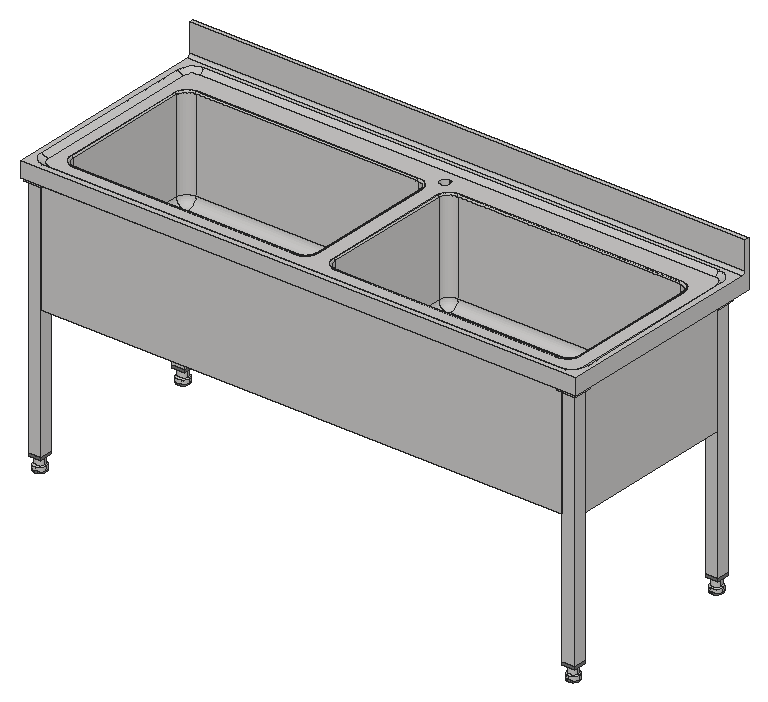
Revit family "QF_ELECTROLUXPROFESSIONAL_132816_VLP1802SPN", category Attrezzature speciali, Revit 2020
Family settings
  Quota connettore circolare = Usa diametro
  Tipo di parte = Normale
  Basato su piano di lavoro = No
  Sempre verticale = Sì
  Taglio con vuoti quando caricato = No
  Condiviso = No
  Punto di calcolo locali = No
Parameters (values of type "Standard")
  Weight = 72.00 kg
  Watts = 0 W
  Volts = 0 V
  URL Manufacturer = "https://www.electroluxprofessional.com/"
  URL = "https://www.electroluxprofessional.com/"
  Steam Supply Size = 0 mm
  Steam Supply Minimum Pressure = 0.0 Pa
  Steam Supply Maximum Pressure = 0.0 Pa
  Steam Consumption per Hour = 0
  Refrigeration Suction Line Size = 0.0 mm
  Refrigeration Liquid Line Size = 0.0 mm
  Refrigerant Compressor Remote = yes
  Prospetto di default = 0.0 mm
  Phase = 0
  Modello = "VLP1802SPN"
  Produttore = "Electrolux Professional"
  Length Actual = 1800.0 mm  # constant formula
  Item Number = "132816"
  Hot Water Size = 0 mm
  Height Actual = 1000.0 mm  # constant formula
  HP = "0 HP"
  Gas Size = 0 mm
  Gas KW = 0
  Gas Input Pressure = 0 W
  Direct Waste Size = 50.8 mm
  Descrizione = "SOAKING SINK UNIT WITH 2 BOWLS (800X510X340MM), 1800MM"
  Depth Actual = 700.0 mm  # constant formula
  Cycle = 0 Hz
  Condensate Return Size = 0 mm
  Compressed Air Volume = 0.0 L/s
  Compressed Air Size = 0 mm
  Compressed Air Pressure = 0.0 Pa
  Cold Water Size = 0 mm
  Accessory = yes
Reference planes
  plane 1 "Center (Front/Back)": y = 0
  plane 2: z = 0
  plane 3 "LEFT": x = -1000
  plane 4 "RIGHT": x = 800
  plane 5 "BACK": y = 350
  plane 6 "FRONT": y = -350
  plane 7 "Base": z = 850
  plane 8 "TOP": z = 900
  plane 9 "Sink_Base": z = 608
  plane 10: z = 441
  plane 11 "PlaneGrid": z = 890
  plane 12: y = 246.5
  plane 13: y = 141
  plane 14 "Center (Left/Right)": x = -100
  plane 15: x = -205
  plane 16: x = 5
Forms (mm)
  Extrusion 1, solid, material "QF_Finishes_Stainless Steel"
    sketch origin (-100, 0, 0) x (0, 1, 0) y (0, 0, 1)
      loop
        line (-350, 850) -> (350, 850) -> (350, 1000) -> (337, 1000) -> (337, 910)
        arc (337, 910) -> (334.071, 902.929) -> (327, 900) r 10
        line (327, 900) -> (-350, 900) -> (-350, 850)
    from 900 to -900
  Extrusion 2, void
    sketch origin (-106.5, -23.5, 608) x (0, -1, 0) y (1, 0, 0)
      loop
        circle (-270, 6.5) r 16
    from 292 to 170.245
  Blend 3, void
    base sketch origin (0, 0, 900) x (0, 1, 0) y (-1, 0, 0)
      loop
        arc (312.89, 934.89) -> (298.832, 968.832) -> (264.89, 982.89) r 48
        line (264.89, 982.89) -> (-284.89, 982.89)
        arc (-284.89, 982.89) -> (-318.832, 968.832) -> (-332.89, 934.89) r 48
        line (-332.89, 934.89) -> (-332.89, -734.89)
        arc (-332.89, -734.89) -> (-318.832, -768.832) -> (-284.89, -782.89) r 48
        line (-284.89, -782.89) -> (264.89, -782.89)
        arc (264.89, -782.89) -> (298.832, -768.832) -> (312.89, -734.89) r 48
        line (312.89, -734.89) -> (312.89, 934.89)
    top sketch origin (0, 0, 900) x (0, 1, 0) y (-1, 0, 0)
      loop
        arc (-284.457, 964.457) -> (-305.67, 955.67) -> (-314.457, 934.457) r 30
        line (-314.457, 934.457) -> (-314.457, -734.985)
        arc (-314.457, -734.985) -> (-305.67, -756.198) -> (-284.457, -764.985) r 30
        line (-284.457, -764.985) -> (264.457, -764.985)
        arc (264.457, -764.985) -> (285.67, -756.198) -> (294.457, -734.985) r 30
        line (294.457, -734.985) -> (294.457, 934.457)
        arc (294.457, 934.457) -> (285.67, 955.67) -> (264.457, 964.457) r 30
        line (264.457, 964.457) -> (-284.457, 964.457)
    from 0 to -10
  Extrusion 4, void
    sketch origin (100, -25.02, 900) x (0, 1, 0) y (-1, 0, 0)
      loop
        arc (247.02, 986) -> (235.304, 1014.284) -> (207.02, 1026) r 40
        line (207.02, 1026) -> (-212.98, 1026)
        arc (-212.98, 1026) -> (-241.264, 1014.284) -> (-252.98, 986) r 40
        line (-252.98, 986) -> (-252.98, 264)
        arc (-252.98, 264) -> (-241.264, 235.716) -> (-212.98, 224) r 40
        line (-212.98, 224) -> (207.02, 224)
        arc (207.02, 224) -> (235.304, 235.716) -> (247.02, 264) r 40
        line (247.02, 264) -> (247.02, 986)
      loop
        line (-252.98, 136) -> (-252.98, -586)
        arc (-252.98, -586) -> (-241.264, -614.284) -> (-212.98, -626) r 40
        line (-212.98, -626) -> (207.02, -626)
        arc (207.02, -626) -> (235.304, -614.284) -> (247.02, -586) r 40
        line (247.02, -586) -> (247.02, 136)
        arc (247.02, 136) -> (235.304, 164.284) -> (207.02, 176) r 40
        line (207.02, 176) -> (-212.98, 176)
        arc (-212.98, 176) -> (-241.264, 164.284) -> (-252.98, 136) r 40
    from 63.904 to -121.755
Cuts and joins
  Extrusion 2, Blend 3, Extrusion 4 cuts Extrusion 1
Lines and regions (mm)
  symbolic lines
    curve 1: line (800, 350, 900) -> (-1000, 350, 900)
    curve 2: line (-1000, 350, 900) -> (-1000, -350, 900)
    curve 3: line (-1000, -350, 900) -> (800, -350, 900)
    curve 4: line (800, -350, 900) -> (800, 350, 900)
    curve 5: line (800, 337, 900) -> (-1000, 337, 900)
    curve 6: line (-982.89, -257.89, 900) -> (-982.89, 237.89, 900)
    curve 7: circle (-100, 246.5, 900) r 16 normal (0, 0, 1)
    curve 8: arc (-982.89, 264.89, 900) -> (-968.832, 298.832, 900) -> (-934.89, 312.89, 900) r 48
    curve 9: line (-934.89, 312.89, 900) -> (734.89, 312.89, 900)
    curve 10: line (-982.89, -284.89, 900) -> (-982.89, 264.89, 900)
    curve 11: arc (-934.89, -332.89, 900) -> (-968.832, -318.832, 900) -> (-982.89, -284.89, 900) r 48
    curve 12: line (734.89, -332.89, 900) -> (-934.89, -332.89, 900)
    curve 13: arc (782.89, -284.89, 900) -> (768.832, -318.832, 900) -> (734.89, -332.89, 900) r 48
    curve 14: line (782.89, 264.89, 900) -> (782.89, -284.89, 900)
    curve 15: arc (734.89, 312.89, 900) -> (768.832, 298.832, 900) -> (782.89, 264.89, 900) r 48
    curve 16: line (764.985, -284.457, 900) -> (764.985, 264.457, 900)
    curve 17: arc (764.985, 264.457, 900) -> (756.198, 285.67, 900) -> (734.985, 294.457, 900) r 30
    curve 18: line (734.985, 294.457, 900) -> (-934.457, 294.457, 900)
    curve 19: arc (-934.457, 294.457, 900) -> (-955.67, 285.67, 900) -> (-964.457, 264.457, 900) r 30
    curve 20: line (-964.457, 264.457, 900) -> (-964.457, -284.457, 900)
    curve 21: arc (-964.457, -284.457, 900) -> (-955.67, -305.67, 900) -> (-934.457, -314.457, 900) r 30
    curve 22: line (-934.457, -314.457, 900) -> (734.985, -314.457, 900)
    curve 23: arc (734.985, -314.457, 900) -> (756.198, -305.67, 900) -> (764.985, -284.457, 900) r 30
Dimensions and locks
  plane 3 "LEFT" to plane 4 "RIGHT" = 1800.0 mm  (x2)
  locked: plane 7 "Base" to level at 850
  locked: Extrusion 1 to level at 1000
  plane 8 "TOP" to level = 900.0 mm
  plane 5 "BACK" to plane 6 "FRONT" = 700.0 mm
  equal spacing: plane 5 "BACK", plane 1 "Center (Front/Back)", plane 6 "FRONT"
  plane 9 "Sink_Base" to level = 608.0 mm
  plane 10 to level = 441.0 mm
  locked: plane 5 "BACK" to plane 13 at 209
  aligned and locked: level to plane 2
  aligned and locked: curve 2 to plane 3 "LEFT"
Automatic sketch dimensions
  plane 6 "FRONT" to Blend 3 sketch curve = 17.11 mm
  Blend 3 sketch curve to Blend 3 sketch curve = 48.0 mm  (x3)
  plane 3 "LEFT" to Blend 3 sketch curve = 17.11 mm
  plane 6 "FRONT" to Blend 3 sketch curve = 65.11 mm
  Blend 3 sketch curve to plane 5 "BACK" = 37.11 mm
  Blend 3 sketch curve to plane 4 "RIGHT" = 65.11 mm
  curve 3 to plane 4 "RIGHT" = 0.0 mm
  curve 3 to plane 6 "FRONT" = 0.0 mm
  curve 4 to plane 5 "BACK" = 0.0 mm
  curve 5 to plane 5 "BACK" = 13.0 mm
  plane 6 "FRONT" to curve 6 = 92.11 mm
  plane 3 "LEFT" to curve 6 = 17.11 mm
  plane 6 "FRONT" to Blend 3 sketch curve = 35.543 mm
  Blend 3 sketch curve to Blend 3 sketch curve = 30.0 mm  (x3)
  Blend 3 sketch curve to plane 4 "RIGHT" = 35.015 mm
  plane 3 "LEFT" to Blend 3 sketch curve = 65.543 mm
  curve 9 to plane 5 "BACK" = 37.11 mm
  curve 8 to curve 6 = 48.0 mm
  curve 10 to curve 6 = 27.0 mm
  curve 11 to curve 11 = 48.0 mm
  curve 12 to plane 4 "RIGHT" = 65.11 mm
  curve 13 to curve 13 = 48.0 mm
  curve 15 to curve 16 = 17.905 mm
  curve 17 to curve 15 = 0.095 mm
  curve 13 to curve 16 = 0.433 mm
  curve 18 to curve 8 = 0.433 mm
  curve 19 to curve 8 = 0.433 mm
  curve 11 to curve 20 = 0.433 mm
  curve 21 to curve 11 = 0.433 mm
  curve 22 to curve 13 = 0.095 mm
  plane 6 "FRONT" to Extrusion 4 sketch curve = 72.0 mm  (x2)
  Extrusion 4 sketch curve to Extrusion 4 sketch curve = 40.0 mm  (x5)
  Extrusion 4 sketch curve to Extrusion 4 sketch curve = 0.0 mm  (x2)
  Extrusion 4 sketch curve to plane 4 "RIGHT" = 114.0 mm
  plane 3 "LEFT" to Extrusion 4 sketch curve = 114.0 mm
  curve 19 to curve 18 = 30.0 mm
  curve 17 to curve 17 = 30.0 mm
  curve 7 to plane 5 "BACK" = 103.5 mm
  curve 6 to curve 8 = 27.0 mm
  Extrusion 2 sketch curve to plane 5 "BACK" = 103.5 mm
  Blend 3 sketch curve to plane 5 "BACK" = 85.543 mm  (x2)
  Extrusion 4 sketch curve to plane 12 = 64.5 mm  (x3)
  Extrusion 4 sketch curve to Extrusion 4 sketch curve = 48.0 mm
  curve 15 to curve 7 = 834.89 mm
  Extrusion 2 sketch curve to plane 4 "RIGHT" = 900.0 mm
  Extrusion 4 sketch curve to plane 4 "RIGHT" = 836.0 mm
  Extrusion 1 sketch curve to plane 6 "FRONT" = 0.0 mm
  Extrusion 1 sketch curve to plane 8 "TOP" = 0.0 mm
  Extrusion 1 sketch curve to plane 5 "BACK" = 0.0 mm
  Extrusion 1 sketch curve to plane 7 "Base" = 0.0 mm
  plane 8 "TOP" to Extrusion 1 sketch curve = 10.0 mm
  Extrusion 1 sketch curve to plane 5 "BACK" = 23.0 mm
  Extrusion 1 sketch curve to Extrusion 1 sketch curve = 90.0 mm
  radius of Extrusion 2 sketch curve = 16.0 mm
  radius of curve 7 = 16.0 mm
Nested families
  nested 1: "SINK_Vasca80x50_T3_DEEP" at (-524.949, -28, 0), type "SINK_Vasca80x50_T3_DEEP"
  nested 2: "SINK_Vasca80x50_T3_DEEP" at (324.949, -28, 0) x (-1, 0, 0) z (0, 0, 1), type "SINK_Vasca80x50_T3_DEEP"
  nested 3: "TAV_W1800_CASSH" at (-250, 0, 0), type "TAV_W1800_CASSH"
Connectors
  piping at (-205, 141, 528.5), diameter 30
    settings: on nested 1, index 1, connector inside diameter 609.6 mm, connector length 0.0 mm, flow factor 0, pipe flow 0.0 L/s, pressure drop 0.0 Pa, fitting loss kfactor 0, connector angle 0.00°, fixture units 0, engagement length 0.0 mm, angle of deflection 0.00°, flow configuration 1, flow direction 2, fitting loss method 0, system type 16, joint type 0, gender type 0, connector reference index -1, connector utility 0, adjustable connector no, is connector primary yes, connector description "Drain 1"
  piping at (5, 141, 528.5), diameter 30
    settings: on nested 2, index 2, connector inside diameter 609.6 mm, connector length 0.0 mm, flow factor 0, pipe flow 0.0 L/s, pressure drop 0.0 Pa, fitting loss kfactor 0, connector angle 0.00°, fixture units 0, engagement length 0.0 mm, angle of deflection 0.00°, flow configuration 1, flow direction 2, fitting loss method 0, system type 16, joint type 0, gender type 0, connector reference index -1, connector utility 0, adjustable connector no, is connector primary no, connector description "Drain 2"
Definition of nested family "SINK_Vasca80x50_T3_DEEP"
  Parameters
    Width = 800.0 mm
    ScaricoY = 80.0 mm
    ScaricoX = 80.0 mm
    Default Elevation = 0.0 mm
    Height_Top = 900.0 mm
    FEET = 850.0 mm
    Depth = 500.0 mm
  Reference planes
    plane 1 "Center (Front/Back)": y = 0
    plane 2: z = 0
    plane 3 "Center (Left/Right)": x = 0
    plane 4 "Top": z = 900
    plane 5 "Left": x = -400
    plane 6 "Right": x = 400
    plane 7 "Back": y = 250
    plane 8 "Front": y = -250
    plane 9 "BaseVasca": z = 558
    plane 10: y = 169
    plane 11: x = 319.949
  Forms (mm)
    Sweep 1, solid
      path origin (1.49, 0, 900) x (-1, 0, 0) y (0, -1, 0)
        loop
          line (-398.51, 210) -> (-398.51, -210)
          arc (-398.51, -210) -> (-386.794, -238.284) -> (-358.51, -250) r 40
          line (-358.51, -250) -> (360.416, -250)
          arc (360.416, -250) -> (389.46, -237.97) -> (401.49, -208.926) r 41.074
          line (401.49, -208.926) -> (401.49, 209.721)
          arc (401.49, 209.721) -> (389.693, 238.203) -> (361.211, 250) r 40.279
          line (361.211, 250) -> (-358.51, 250)
          arc (-358.51, 250) -> (-386.794, 238.284) -> (-398.51, 210) r 40
      profile origin (400, 0, 900) x (-1, 0, 0) y (0, 0, 1)
        loop
          arc (5, -15) -> (3.536, -11.464) -> (0, -10) r 5
          line (0, -10) -> (0, -11.5)
          arc (0, -11.5) -> (2.475, -12.525) -> (3.5, -15) r 3.5
          line (3.5, -15) -> (3.5, -310.5)
          arc (3.5, -310.5) -> (12.726, -332.774) -> (35, -342) r 31.5
          line (35, -342) -> (35, -340.5)
          arc (35, -340.5) -> (13.787, -331.713) -> (5, -310.5) r 30
          line (5, -310.5) -> (5, -15)
    Revolve 2, solid
      sketch origin (319.949, -10, 0) x (0, 1, 0) y (0, 0, 1)
        loop
          line (195.5, 542.617) -> (207.058, 549.84) -> (207.058, 558) -> (205.558, 558) -> (205.558, 550.671) -> (194, 543.449) -> (194, 528.5) -> (195.5, 528.5) -> (195.5, 542.617)
        axis (179, 558) -> (179, 528.5)
      angle from 0 to 360
    Extrusion 3, solid
      sketch origin (49, 0, 558) x (0, -1, 0) y (1, 0, 0)
        loop
          line (-215, 311) -> (-215, -407.926)
          arc (-215, -407.926) -> (-213.221, -412.221) -> (-208.926, -414) r 6.074
          line (-208.926, -414) -> (209.721, -414)
          arc (209.721, -414) -> (213.454, -412.454) -> (215, -408.721) r 5.279
          line (215, -408.721) -> (215, 311)
          arc (215, 311) -> (213.536, 314.536) -> (210, 316) r 5
          line (210, 316) -> (-210, 316)
          arc (-210, 316) -> (-213.536, 314.536) -> (-215, 311) r 5
      from 0 to 1.5
    Extrusion 4, void
      sketch origin (0, 0, 558) x (0, -1, 0) y (1, 0, 0)
        loop
          circle (-169, 319.949) r 28
      from -140.513 to 32.144
  Cuts and joins
    Extrusion 4 cuts Sweep 1
    Extrusion 4 cuts Extrusion 3
    joined: Sweep 1, Extrusion 3
  Lines and regions (mm)
    symbolic lines
      curve 1: circle (319.949, 169.058, 0) r 16.5 normal (0, 0, -1)
      curve 2: arc (-360, 250, 0) -> (-388.284, 238.284, 0) -> (-400, 210, 0) r 40
      curve 3: arc (-400, -210, 0) -> (-388.284, -238.284, 0) -> (-360, -250, 0) r 40
      curve 4: line (-400, 210, 0) -> (-400, -210, 0)
      curve 5: line (-360, -250, 0) -> (360, -250, 0)
      curve 6: line (360, 250, 0) -> (-360, 250, 0)
      curve 7: arc (360, -250, 0) -> (388.284, -238.284, 0) -> (400, -210, 0) r 40
      curve 8: arc (400, 210, 0) -> (388.284, 238.284, 0) -> (360, 250, 0) r 40
      curve 9: line (400, 210, 0) -> (400, -210, 0)
  Dimensions and locks
    equal spacing: plane 5 "Left", plane 3 "Center (Left/Right)", plane 6 "Right"
    "Width": plane 5 "Left" to plane 6 "Right"
    equal spacing: plane 7 "Back", plane 1 "Center (Front/Back)", plane 8 "Front"
    "Depth": plane 7 "Back" to plane 8 "Front"
    "Height_Top": plane 4 "Top" to level
    plane 9 "BaseVasca" to level = 558.0 mm
    aligned and locked: level to plane 2
  Automatic sketch dimensions
    curve 4 to plane 5 "Left" = 0.0 mm
    curve 6 to plane 7 "Back" = 0.0 mm
    curve 3 to plane 8 "Front" = 0.0 mm
    curve 1 to plane 11 = 0.0 mm
    curve 7 to plane 6 "Right" = 0.0 mm
    curve 4 to curve 3 = 40.0 mm
    plane 5 "Left" to curve 6 = 40.0 mm
    curve 6 to plane 6 "Right" = 40.0 mm
    curve 5 to plane 6 "Right" = 40.0 mm
    plane 10 to curve 1 = 0.058 mm
    Sweep 1 sketch curve to plane 6 "Right" = 0.0 mm
    Sweep 1 sketch curve to plane 8 "Front" = 0.0 mm
    Sweep 1 sketch curve to plane 7 "Back" = 0.0 mm
    Sweep 1 sketch curve to plane 5 "Left" = 0.0 mm
    Sweep 1 sketch curve to Sweep 1 sketch curve = 40.0 mm  (x2)
    plane 10 to Sweep 1 sketch curve = 39.926 mm
    plane 5 "Left" to Sweep 1 sketch curve = 40.279 mm
    Sweep 1 sketch curve to Sweep 1 sketch curve = 0.0 mm  (x4)
    Sweep 1 sketch curve to profile plane = 0.0 mm
    Sweep 1 sketch curve to profile plane = 3.5 mm
    Sweep 1 sketch curve to Sweep 1 sketch curve = 1.5 mm
    Sweep 1 sketch curve to Sweep 1 sketch curve = 30.0 mm
    Sweep 1 sketch curve to plane 4 "Top" = 342.0 mm
    Sweep 1 sketch curve to plane 4 "Top" = 15.0 mm
    Revolve 2 sketch curve to plane 10 = 0.0 mm
    plane 9 "BaseVasca" to Revolve 2 sketch curve = 0.0 mm
    plane 10 to Revolve 2 sketch curve = 15.0 mm
    Revolve 2 sketch curve to Revolve 2 sketch curve = 1.5 mm  (x2)
    Revolve 2 sketch curve to Revolve 2 sketch curve = 10.058 mm
    plane 9 "BaseVasca" to Revolve 2 sketch curve = 7.329 mm
    Revolve 2 sketch curve to Revolve 2 sketch curve = 0.831 mm  (x2)
    Revolve 2 sketch curve to Revolve 2 sketch curve = 7.222 mm
    Revolve 2 sketch curve to Revolve 2 sketch curve = 14.117 mm
    Revolve 2 sketch curve to Revolve 2 sketch curve = 22.0 mm
    Revolve 2 sketch curve to plane 9 "BaseVasca" = 88.5 mm
    Extrusion 4 sketch curve to plane 10 = 0.0 mm
    Extrusion 4 sketch curve to plane 11 = 0.0 mm
    Extrusion 3 sketch curve to plane 7 "Back" = 35.0 mm
    Extrusion 3 sketch curve to Extrusion 3 sketch curve = 6.074 mm
    plane 5 "Left" to Extrusion 3 sketch curve = 35.0 mm
    Extrusion 3 sketch curve to Extrusion 3 sketch curve = 5.0 mm
    plane 8 "Front" to Extrusion 3 sketch curve = 40.0 mm
    Extrusion 3 sketch curve to Extrusion 3 sketch curve = 5.279 mm
    Extrusion 3 sketch curve to plane 6 "Right" = 40.0 mm  (x2)
    radius of curve 1 = 16.5 mm
    radius of Extrusion 4 sketch curve = 28.0 mm
Definition of nested family "TAV_W1800_CASSH"
  Parameters
    Default Elevation = 0.0 mm
    Model = "TAV_W1800_CASSH"
    Manufacturer = "Electrolux Professional"
    Description = ""
  Reference planes
    plane 1 "Center (Front/Back)": y = 0
    plane 2: z = 0
    plane 3 "Center (Left/Right)": x = 150
    plane 4 "LEFT": x = -750
    plane 5 "RIGHT": x = 1050
    plane 6 "BACK": y = 350
    plane 7 "FRONT": y = -350
    plane 8 "Base": z = 850
    plane 9 "TOP": z = 900
    plane 10: x = -714.5
    plane 11: x = 1014.5
    plane 12: y = 265.5
    plane 13: y = -314.5
    plane 14: x = -694.5
    plane 15: x = 994.5
    plane 16 "RIPIANO": z = 200
  Forms (mm)
    Extrusion 1, solid
      sketch origin (0, 0.5, 850) x (0, 1, 0) y (-1, 0, 0)
        loop
          line (245, 734.5) -> (-295, 734.5) -> (-295, 733) -> (245, 733) -> (245, 734.5)
        loop
          line (-295, -1034.5) -> (285, -1034.5) -> (285, -1033) -> (-295, -1033) -> (-295, -1034.5)
        loop
          line (-335, 694.5) -> (-335, -994.5) -> (-333.5, -994.5) -> (-333.5, 694.5) -> (-335, 694.5)
      from -10 to -370
    Extrusion 2, solid
      sketch origin (-4.534, 0, 850) x (0, 1, 0) y (-1, 0, 0)
        loop
          line (235.5, 729.966) -> (-284.5, 729.966) -> (-284.5, 689.966) -> (235.5, 689.966) -> (235.5, 729.966)
        loop
          line (-334.506, 679.966) -> (-334.506, -989.034) -> (-294.506, -989.034) -> (-294.506, 679.966) -> (-334.506, 679.966)
        loop
          line (-284.5, -1039.034) -> (235.5, -1039.034) -> (235.5, -999.034) -> (-284.5, -999.034) -> (-284.5, -1039.034)
        loop
          line (285.5, 679.966) -> (245.5, 679.966) -> (245.5, -989.034) -> (285.5, -989.034) -> (285.5, 679.966)
      from 0 to -10
  Lines and regions (mm)
    symbolic lines, detail levels coarse
      curve 1: line (-750, 350, 200) -> (1050, 350, 200)
      curve 2: line (-750, -350, 200) -> (-750, 350, 200)
      curve 3: line (1050, -350, 200) -> (-750, -350, 200)
      curve 4: line (1050, 350, 200) -> (1050, -350, 200)
  Dimensions and locks
    plane 4 "LEFT" to plane 5 "RIGHT" = 1800.0 mm
    equal spacing: plane 4 "LEFT", plane 3 "Center (Left/Right)", plane 5 "RIGHT"
    locked: plane 8 "Base" to level at 850
    plane 4 "LEFT" to plane 10 = 35.5 mm
    plane 11 to plane 5 "RIGHT" = 35.5 mm
    plane 10 to plane 11 = 1729.0 mm
    plane 9 "TOP" to level = 900.0 mm
    plane 6 "BACK" to plane 12 = 84.5 mm
    plane 13 to plane 7 "FRONT" = 35.5 mm
    plane 6 "BACK" to plane 7 "FRONT" = 700.0 mm
    plane 12 to plane 13 = 580.0 mm
    equal spacing: plane 6 "BACK", plane 1 "Center (Front/Back)", plane 7 "FRONT"
    locked: plane 14 to plane 4 "LEFT" at 55.5
    locked: plane 5 "RIGHT" to plane 15 at 55.5
    plane 16 "RIPIANO" to level = 200.0 mm
    plane 2 to plane 16 "RIPIANO" to plane 8 "Base" = 200.0 mm, 650.0 mm
    aligned and locked: level to plane 2
    aligned and locked: plane 10 to nested 1
    aligned and locked: nested 1 to plane 13
    aligned and locked: plane 11 to nested 2
    aligned and locked: nested 2 to plane 13
    aligned and locked: plane 11 to nested 4
    aligned and locked: nested 4 to plane 12
    aligned and locked: plane 10 to nested 3
    aligned and locked: nested 3 to plane 12
    aligned and locked: plane 14 to Extrusion 1 sketch curve
    aligned and locked: Extrusion 1 sketch curve to plane 15
    aligned and locked: Extrusion 1 to Extrusion 2
  Automatic sketch dimensions
    plane 7 "FRONT" to Extrusion 1 sketch curve = 15.5 mm
    plane 13 to Extrusion 1 sketch curve = 20.0 mm  (x2)
    plane 4 "LEFT" to Extrusion 1 sketch curve = 15.5 mm
    Extrusion 1 sketch curve to plane 5 "RIGHT" = 15.5 mm
    Extrusion 1 sketch curve to Extrusion 1 sketch curve = 1.5 mm  (x3)
    Extrusion 1 sketch curve to plane 6 "BACK" = 104.5 mm
    Extrusion 1 sketch curve to plane 6 "BACK" = 64.5 mm
    plane 15 to Extrusion 2 sketch curve = 10.0 mm  (x2)
    plane 7 "FRONT" to Extrusion 2 sketch curve = 15.494 mm
    plane 13 to Extrusion 2 sketch curve = 19.994 mm
    Extrusion 2 sketch curve to plane 5 "RIGHT" = 15.5 mm
    plane 13 to Extrusion 2 sketch curve = 30.0 mm  (x2)
    Extrusion 2 sketch curve to plane 14 = 0.0 mm
    Extrusion 2 sketch curve to plane 12 = 30.0 mm  (x2)
    Extrusion 2 sketch curve to plane 12 = 20.0 mm
    plane 12 to Extrusion 2 sketch curve = 20.0 mm
    Extrusion 2 sketch curve to plane 15 = 0.0 mm
    Extrusion 2 sketch curve to plane 14 = 10.0 mm  (x2)
    Extrusion 2 sketch curve to plane 10 = 20.0 mm
    curve 3 to plane 4 "LEFT" = 0.0 mm
    curve 3 to plane 7 "FRONT" = 0.0 mm
    curve 2 to plane 6 "BACK" = 0.0 mm
    curve 1 to plane 5 "RIGHT" = 0.0 mm
  Nested families
    nested 1: "FEET_40x40_TAV" at (-714.5, -314.5, 0), type "FEET_40x40_TAV"
    nested 2: "FEET_40x40_TAV" at (1014.5, -314.5, 0), type "FEET_40x40_TAV"
    nested 3: "FEET_40x40_TAV" at (-714.5, 265.5, 0), type "FEET_40x40_TAV"
    nested 4: "FEET_40x40_TAV" at (1014.5, 265.5, 0), type "FEET_40x40_TAV"
  Definition of nested family "FEET_40x40_TAV"
    Parameters
      Default Elevation = 0.0 mm
      FEET = 850.0 mm
    Reference planes
      plane 1 "Center (Front/Back)": y = 0
      plane 2: z = 0
      plane 3 "Center (Left/Right)": x = 0
      plane 4: z = 850
    Forms (mm)
      Extrusion 1, solid
        sketch origin (0, 0, 0) x (1, 0, 0) y (0, 1, 0)
          loop
            line (-20, -20) -> (20, -20) -> (20, 20) -> (-20, 20) -> (-20, -20)
        from 50 to 840
      Extrusion 2, solid
        sketch origin (0, 0, 0) x (1, 0, 0) y (0, 1, 0)
          loop
            circle (0, 0) r 20
        from 0 to 5
      Extrusion 3, solid
        sketch origin (0, 0, 0) x (1, 0, 0) y (0, 1, 0)
          loop
            line (30, 30) -> (-30, 30) -> (-30, -30) -> (30, -30) -> (30, 30)
        from 840 to 850
      Extrusion 4, solid
        sketch origin (0, 0, 0) x (1, 0, 0) y (0, 1, 0)
          loop
            line (-20, -20) -> (20, -20) -> (20, 20) -> (-20, 20) -> (-20, -20)
        from 50 to 42
      Revolve 5, solid
        sketch origin (0, 0, 0) x (1, 0, 0) y (0, 0, 1)
          loop
            line (0, 42) -> (-15, 42) -> (-15, 20) -> (-20, 15) -> (-20, 5) -> (0, 5) -> (0, 42)
          axis (0, 42) -> (0, 5)
        angle from 0 to 360
    Lines and regions (mm)
      symbolic lines
        curve 1: line (0, -1.503, 0) -> (0, 1.508, 0)
        curve 2: line (1.561, 0, 0) -> (-1.439, 0, 0)
    Dimensions and locks
      "FEET": plane 4 to plane 2
      aligned and locked: level to plane 2
    Automatic sketch dimensions
      plane 1 "Center (Front/Back)" to curve 2 = 0.0 mm
      curve 1 to plane 3 "Center (Left/Right)" = 0.0 mm
      curve 2 to plane 3 "Center (Left/Right)" = 1.439 mm
      plane 3 "Center (Left/Right)" to curve 2 = 1.561 mm
      plane 1 "Center (Front/Back)" to curve 1 = 1.503 mm
      curve 1 to plane 1 "Center (Front/Back)" = 1.508 mm
      Extrusion 1 sketch curve to plane 3 "Center (Left/Right)" = 20.0 mm
      plane 3 "Center (Left/Right)" to Extrusion 1 sketch curve = 20.0 mm
      plane 1 "Center (Front/Back)" to Extrusion 1 sketch curve = 20.0 mm
      Extrusion 1 sketch curve to plane 1 "Center (Front/Back)" = 20.0 mm
      plane 1 "Center (Front/Back)" to Extrusion 2 sketch curve = 0.0 mm
      Extrusion 2 sketch curve to plane 3 "Center (Left/Right)" = 0.0 mm
      Extrusion 3 sketch curve to plane 3 "Center (Left/Right)" = 30.0 mm
      plane 3 "Center (Left/Right)" to Extrusion 3 sketch curve = 30.0 mm
      plane 1 "Center (Front/Back)" to Extrusion 3 sketch curve = 30.0 mm
      Extrusion 3 sketch curve to plane 1 "Center (Front/Back)" = 30.0 mm
      Extrusion 4 sketch curve to plane 3 "Center (Left/Right)" = 20.0 mm
      plane 3 "Center (Left/Right)" to Extrusion 4 sketch curve = 20.0 mm
      plane 1 "Center (Front/Back)" to Extrusion 4 sketch curve = 20.0 mm
      Extrusion 4 sketch curve to plane 1 "Center (Front/Back)" = 20.0 mm
      Revolve 5 sketch curve to plane 3 "Center (Left/Right)" = 0.0 mm  (x2)
      Revolve 5 sketch curve to plane 3 "Center (Left/Right)" = 15.0 mm
      Revolve 5 sketch curve to Revolve 5 sketch curve = 5.0 mm  (x3)
      level to Revolve 5 sketch curve = 5.0 mm
      Revolve 5 sketch curve to Revolve 5 sketch curve = 10.0 mm
      Revolve 5 sketch curve to Revolve 5 sketch curve = 22.0 mm
      Revolve 5 sketch curve to level = 9.561 mm
      radius of Extrusion 2 sketch curve = 20.0 mm
